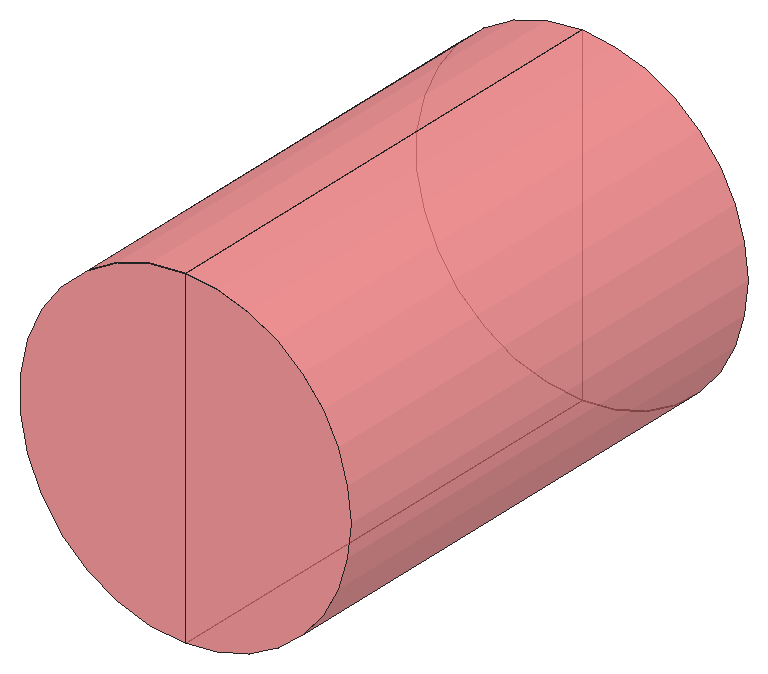
Revit family "М1_ОтверстиеКруглое_Стена", category Обобщенные модели, Revit 2021
Family settings
  Может служить основой для арматурных стержней = Нет
  Размер круглого соединителя = Использовать диаметр
  Тип детали = Нормальный
  На основе рабочей плоскости = Нет
  Всегда вертикально = Да
  При загрузке вырезать с полостями = Да
  Общий = Нет
  Точка принадлежности помещению = Нет
Parameters (values of type "Отверстие_ОВ")
  Отметка по умолчанию = 0 mm
  Группа модели = "Отверстие в стене"  # constant formula
  M1_СreationDate [instance] = ""
  M1_SystemName [instance] = ""
  M1_ForElements [instance] = ""
  M1_ElementMask [instance] = ""
  Data [instance] = ""
  ADSK_Размер_Диаметр [instance] = 200 mm
  ADSK_Размер_Глубина [instance] = 300 mm
  ADSK_Отверстие_Функция = "ОВ"
  ADSK_Отверстие_Отметка от нуля [instance] = 0 mm
  ADSK_Материал = ADSK_Отверстие_ОВ
Reference planes
  plane 1 "По центру (Вперед/Назад)": y = 0
  plane 2: z = 0
  plane 3 "По центру (Влево/Вправо)": x = 0
  plane 4: x = -100
  plane 5: x = 100
  plane 6: y = 150
  plane 7: y = -150
  plane 8: z = 100
  plane 9: z = -100
  plane 10: z = 101
  plane 11: z = -101
  plane 12: y = -151
  plane 13: y = 151
Forms (mm)
  Revolve 1, solid, material "ADSK_Отверстие_ОВ" <- "ADSK_Материал"
    sketch origin (0, 0, 0) x (0, 1, 0) y (0, 0, 1)
      loop
        line (151, 0) -> (-151, 0) -> (-151, -101) -> (151, -101) -> (151, 0)
      axis (151, 0) -> (-151, 0)
    angle from 0 to 360
  Revolve 2, void
    sketch origin (0, 0, 0) x (0, 1, 0) y (0, 0, 1)
      loop
        line (-151, 101) -> (-151, 0) -> (151, 0) -> (151, 101) -> (-151, 101)
      axis (-151, 0) -> (151, 0)
    angle from 0 to 360
Dimensions and locks
  equal spacing: plane 4, plane 3 "По центру (Влево/Вправо)", plane 5
  "ADSK_Размер_Диаметр": plane 4 to plane 5
  equal spacing: plane 6, plane 1 "По центру (Вперед/Назад)", plane 7
  "ADSK_Размер_Глубина": plane 6 to plane 7
  equal spacing: plane 8, level, plane 9
  "ADSK_Размер_Диаметр": plane 8 to plane 9
  locked: plane 6 to plane 13 at 1
  locked: plane 12 to plane 7 at 1
  locked: plane 10 to plane 8 at 1
  locked: plane 9 to plane 11 at 1
  aligned and locked: level to plane 2
  aligned and locked: Revolve 1 sketch curve to level  (x2)
  aligned and locked: Revolve 2 sketch curve to level
  aligned and locked: Revolve 1 to Revolve 2 sketch curve
  aligned and locked: level to Revolve 2 sketch curve
  aligned and locked: Revolve 2 sketch curve to Revolve 1
  aligned and locked: Revolve 1 sketch curve to plane 12
  aligned and locked: plane 11 to Revolve 1 sketch curve
  aligned and locked: plane 13 to Revolve 1 sketch curve
  aligned and locked: Revolve 2 sketch curve to plane 10
Automatic sketch dimensions
  Revolve 1 sketch curve to Revolve 1 sketch curve = 375.329 mm
  Revolve 1 sketch curve to Revolve 1 sketch curve = 302.671 mm
  Revolve 2 sketch curve to plane 7 = 360 mm
  plane 6 to Revolve 2 sketch curve = 240 mm
